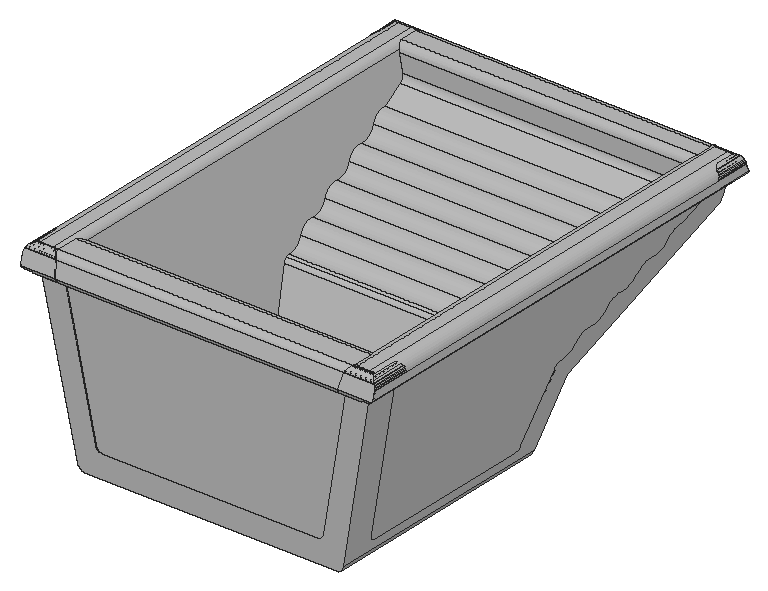
Revit family "BRG-SNT-LVD- LAVADERO DE CONCRETO", category Aparatos sanitarios, Revit 2020
Family settings
  Cota de conector redondo = Diámetro de uso
  Tipo de pieza = Normal
  Número OmniClass = 23.45.00.00
  Título OmniClass = Sanitary, Laundry, and Cleaning Equipment
  Se basa en plano de trabajo = No
  Siempre vertical = Sí
  Corte con vacíos al cargar = No
  Compartido = Sí
  Punto de cálculo de habitación = Sí
Parameters (values of type "BELA MONOMANDO PARA LAVAMANOS CROMO")
  _EDESA_Sku/código = "SC0021500001CG"
  _EDESA_Material = "Hormigón"
  _EDESA_Garantia = "De por vida en funcionamiento y acabado del material"
  _EDESA_Conexion Hidraulica = "Entrada de agua: tubería ø 1/2\" Salida de agua: Tubería PVC 50"
  _EDESA_Color = "Gris"
  _EDESA_Categoria = "Productos>Sanitarios>Institucional"
  _EDESA_ Contacto comercial = "(02) 395 2900"
  _EDESA_ Certificación = ""
  _EDESA_ Productos necesarios para instalación = "Grifería, desagüe 1 1/4\", Sifón 1 1/4\""
  _EDESA_ Productos incluídos = ""
  _EDESA_ Tipo de Aro = "0"
  _EDESA_ Descripción = "Fregadero de concreto"
  _EDESA_ Peso en kg = "33.1 kg"
  _EDESA_ Consumo/capacidad de agua en L = "9.4 litros"
  _EDESA_ Tolerancia dimensional = 0.00 m
  _EDESA_ Distancia de instalación en cm (muro terminado) = ""
  _EDESA_ Tipo de instalación = "Sobre base de manpostería"
  _EDESA_ Profundidad en cm = "61.1"
  _EDESA_ Ancho en cm = "46.1"
  _EDESA_ Alto en cm = "26.2"
  _EDESA_ Página web = "0"
  _EDESA_ Nombre = "LAVADERO DE CONCRETO"
  _EDESA_ Marca = "EDESA"
  _ALT_Eje instalación = 0.60 m
  _ALT_Basamento = 0.85 m
  URL = "https://www.edesa.com.ec/productos/fichastecnicaspdf/Edesa/Lavamanos/Fregadero_concreto.pdf"
  Modelo = "00"
  Imagen de tipo = <Ninguno>
  Fabricante = "EDESA Ecuador"
  Elevación por defecto = 0.00 m
  Conexión de ventilación = yes
  Conexión de residuos = yes
  Conexión AF = yes
  Conexión AC = yes
Reference planes (m)
  plane 1 "Centro (Frontal/Posterior)": y = 0
  plane 2: z = 0
  plane 3 "Centro (Izquierda/Derecha)": x = 0
Forms (m)
  Extrusion 1, solid, material ".MAT_Concreto"
    sketch origin (0, -0.300042, 0) x (0, 1, 0) y (0, 0, 1)
      loop
        line (0.315548, 0.223752) -> (0.324, -0.001248) -> (0.630826, -0.001248) -> (0.669526, 0.084752) -> (0.890951, 0.194255)
        arc (0.890951, 0.194255) -> (0.895434, 0.199565) -> (0.897043, 0.206324) r 0.015
        line (0.897043, 0.206324) -> (0.897043, 0.223752) -> (0.911394, 0.223752) -> (0.915043, 0.228496) -> (0.908904, 0.246914)
        arc (0.908904, 0.246914) -> (0.905264, 0.251865) -> (0.899417, 0.253752) r 0.01
        line (0.899417, 0.253752) -> (0.876483, 0.253752)
        arc (0.876483, 0.253752) -> (0.869412, 0.250823) -> (0.866483, 0.243752) r 0.01
        line (0.866483, 0.243752) -> (0.866483, 0.221834)
        arc (0.866483, 0.221834) -> (0.864978, 0.216558) -> (0.860916, 0.21287) r 0.01
        line (0.860916, 0.21287) -> (0.833104, 0.199116)
        arc (0.833104, 0.199116) -> (0.820214, 0.196981) -> (0.810694, 0.188033) r 0.022456
        arc (0.810694, 0.188033) -> (0.801174, 0.179085) -> (0.788285, 0.176951) r 0.022456
        arc (0.788285, 0.176951) -> (0.775395, 0.174817) -> (0.765875, 0.165869) r 0.022456
        arc (0.765875, 0.165869) -> (0.756356, 0.156921) -> (0.743466, 0.154786) r 0.022456
        arc (0.743466, 0.154786) -> (0.730576, 0.152652) -> (0.721057, 0.143704) r 0.022456
        arc (0.721057, 0.143704) -> (0.711537, 0.134756) -> (0.698647, 0.132622) r 0.022456
        arc (0.698647, 0.132622) -> (0.685758, 0.130487) -> (0.676238, 0.121539) r 0.022456
        arc (0.676238, 0.121539) -> (0.666718, 0.112591) -> (0.653828, 0.110457) r 0.022456
        line (0.653828, 0.110457) -> (0.649798, 0.108464)
        arc (0.649798, 0.108464) -> (0.647032, 0.106441) -> (0.645112, 0.103604) r 0.01
        line (0.645112, 0.103604) -> (0.609582, 0.024648)
        arc (0.609582, 0.024648) -> (0.605892, 0.020355) -> (0.600462, 0.018752) r 0.01
        line (0.600462, 0.018752) -> (0.372908, 0.018752)
        arc (0.372908, 0.018752) -> (0.365971, 0.02155) -> (0.362915, 0.028377) r 0.01
        line (0.362915, 0.028377) -> (0.354811, 0.244127)
        arc (0.354811, 0.244127) -> (0.351755, 0.250955) -> (0.344818, 0.253752) r 0.01
        line (0.344818, 0.253752) -> (0.315669, 0.253752)
        arc (0.315669, 0.253752) -> (0.309822, 0.251865) -> (0.306182, 0.246914) r 0.01
        line (0.306182, 0.246914) -> (0.300042, 0.228496) -> (0.302447, 0.223752) -> (0.315548, 0.223752)
    from -0.23 to 0.23
  Extrusion 2, solid, material ".MAT_Concreto"
    sketch origin (0, -0.300042, 0.6) x (1, 0, 0) y (0, 0, -1)
      loop
        line (-0.173964, 0.593104) -> (-0.215161, 0.375) -> (-0.225161, 0.375) -> (-0.230161, 0.37) -> (-0.230161, 0.36)
        arc (-0.230161, 0.36) -> (-0.225768, 0.349393) -> (-0.215161, 0.345) r 0.015
        line (-0.215161, 0.345) -> (-0.198586, 0.345)
        arc (-0.198586, 0.345) -> (-0.192204, 0.347301) -> (-0.188759, 0.353144) r 0.01
        line (-0.188759, 0.353144) -> (-0.1491, 0.563104)
        arc (-0.1491, 0.563104) -> (-0.145655, 0.568947) -> (-0.139274, 0.571248) r 0.01
        line (-0.139274, 0.571248) -> (0.139274, 0.571248)
        arc (0.139274, 0.571248) -> (0.145655, 0.568947) -> (0.1491, 0.563104) r 0.01
        line (0.1491, 0.563104) -> (0.188759, 0.353144)
        arc (0.188759, 0.353144) -> (0.192204, 0.347301) -> (0.198586, 0.345) r 0.01
        line (0.198586, 0.345) -> (0.215161, 0.345)
        arc (0.215161, 0.345) -> (0.225768, 0.349393) -> (0.230161, 0.36) r 0.015
        line (0.230161, 0.36) -> (0.230161, 0.37) -> (0.225161, 0.375) -> (0.215161, 0.375) -> (0.173964, 0.593104)
        arc (0.173964, 0.593104) -> (0.170519, 0.598947) -> (0.164138, 0.601248) r 0.01
        line (0.164138, 0.601248) -> (-0.164138, 0.601248)
        arc (-0.164138, 0.601248) -> (-0.170519, 0.598947) -> (-0.173964, 0.593104) r 0.01
    from 0.299517 to 0.920517
  Extrusion 3, void
    sketch origin (0, -0.300042, 0) x (0, 1, 0) y (0, 0, 1)
      loop
        line (0.630826, -0.001248) -> (0.924417, -0.001248) -> (0.924417, 0.263752) -> (0.899417, 0.263752) -> (0.899417, 0.253752)
        arc (0.899417, 0.253752) -> (0.905264, 0.251865) -> (0.908904, 0.246914) r 0.01
        line (0.908904, 0.246914) -> (0.915043, 0.228496) -> (0.911394, 0.223752) -> (0.897043, 0.223752) -> (0.897043, 0.206324)
        arc (0.897043, 0.206324) -> (0.895434, 0.199565) -> (0.890951, 0.194255) r 0.015
        line (0.890951, 0.194255) -> (0.669526, 0.084752) -> (0.630826, -0.001248)
      loop
        line (0.315548, 0.223752) -> (0.302447, 0.223752) -> (0.300042, 0.228496) -> (0.306182, 0.246914)
        arc (0.306182, 0.246914) -> (0.309822, 0.251865) -> (0.315669, 0.253752) r 0.01
        line (0.315669, 0.253752) -> (0.315669, 0.258752) -> (0.292297, 0.258752) -> (0.292297, -0.001248) -> (0.324, -0.001248) -> (0.315548, 0.223752)
    from -0.265262 to 0.230161
  Extrusion 4, void
    sketch origin (0, -0.300042, 0.6) x (1, 0, 0) y (0, 0, -1)
      loop
        arc (-0.173964, 0.593104) -> (-0.170519, 0.598947) -> (-0.164138, 0.601248) r 0.01
        line (-0.164138, 0.601248) -> (-0.164138, 0.611248) -> (-0.245161, 0.611248) -> (-0.245161, 0.335) -> (-0.215161, 0.335) -> (-0.215161, 0.345)
        arc (-0.215161, 0.345) -> (-0.225768, 0.349393) -> (-0.230161, 0.36) r 0.015
        line (-0.230161, 0.36) -> (-0.230161, 0.37) -> (-0.225161, 0.375) -> (-0.215161, 0.375) -> (-0.173964, 0.593104)
      loop
        line (0.173964, 0.593104) -> (0.215161, 0.375) -> (0.225161, 0.375) -> (0.230161, 0.37) -> (0.230161, 0.36)
        arc (0.230161, 0.36) -> (0.225768, 0.349393) -> (0.215161, 0.345) r 0.015
        line (0.215161, 0.345) -> (0.215161, 0.335) -> (0.245161, 0.335) -> (0.245161, 0.611248) -> (0.164138, 0.611248) -> (0.164138, 0.601248)
        arc (0.164138, 0.601248) -> (0.170519, 0.598947) -> (0.173964, 0.593104) r 0.01
    from 0.300042 to 0.920517
  Revolve 5, void
    sketch origin (0, -0.300042, 0) x (0, 1, 0) y (0, 0, 1)
      loop
        line (0.5252, -0.021035) -> (0.5252, 0.021162) -> (0.545, 0.032594) -> (0.5, 0.032594) -> (0.5, -0.021035) -> (0.5252, -0.021035)
      axis (0.5, 0.032594) -> (0.5, -0.021035)
    angle from 0 to 360
Cuts and joins
  Extrusion 3, Extrusion 4, Revolve 5 cuts Extrusion 1
  Extrusion 3, Extrusion 4, Revolve 5 cuts Extrusion 2
Dimensions and locks (m)
  aligned and locked: level to plane 2
Connectors (m)
  piping at (0, 0.199958, -0.001248), diameter 0.0508
    settings: on cut or joined group of Extrusion 1, Extrusion 3, Extrusion 4, Revolve 5, index 1, connector inside diameter 609.6 mm, connector length 0.00 m, flow factor 0, pipe flow 0.8 L/s, pressure drop 0.0 Pa, fitting loss kfactor 0, connector angle 0.00°, fixture units 0, engagement length 0.00 m, angle of deflection 0.00°, flow configuration 0, flow direction 2, fitting loss method 2, system type 16, joint type 0, gender type 0, connector reference index -1, connector utility 0, adjustable connector no, is connector primary yes, connector description ""
